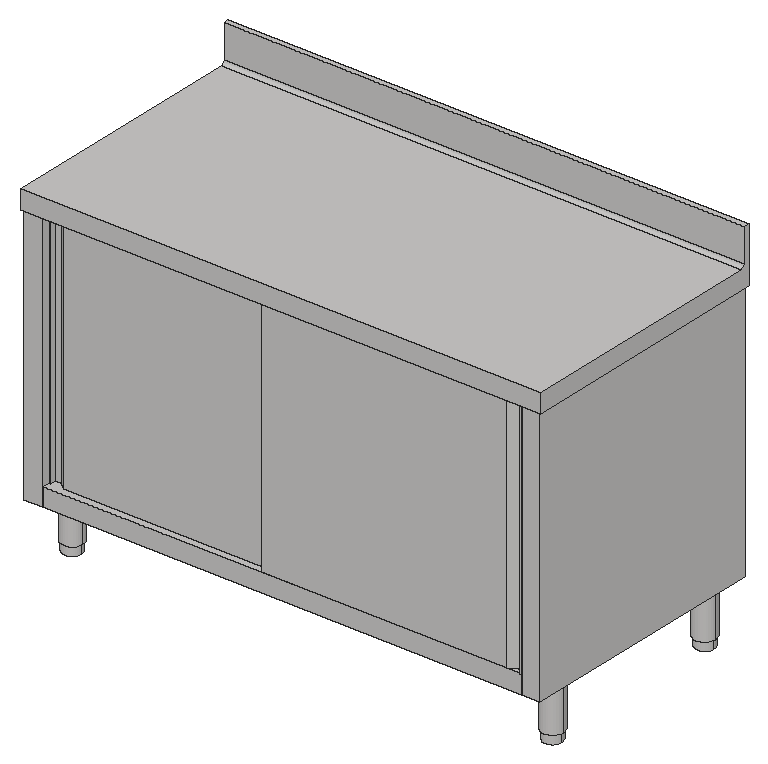
Revit family "QF_ELECTROLUXPROFESSIONAL_133081_TN1410EN", category Attrezzature speciali, Revit 2020
Family settings
  Quota connettore circolare = Usa diametro
  Tipo di parte = Normale
  Basato su piano di lavoro = No
  Sempre verticale = Sì
  Taglio con vuoti quando caricato = No
  Condiviso = No
  Punto di calcolo locali = No
Parameters (values of type "Standard")
  Weight = 60.00 kg
  Watts = 0 W
  Volts = 0 V
  URL Manufacturer = "https://www.electroluxprofessional.com/"
  URL = "https://www.electroluxprofessional.com/"
  Steam Supply Size = 0 mm
  Steam Supply Minimum Pressure = 0.0 Pa
  Steam Supply Maximum Pressure = 0.0 Pa
  Steam Consumption per Hour = 0
  Refrigeration Suction Line Size = 0.0 mm
  Refrigeration Liquid Line Size = 0.0 mm
  Refrigerant Compressor Remote = yes
  Prospetto di default = 0.0 mm
  Produttore = "Electrolux Professional"
  Phase = 0
  Modello = "TN1410EN"
  Length Actual = 1400.0 mm  # constant formula
  Item Number = "133081"
  Hot Water Size = 0 mm
  Height Actual = 1000.0 mm  # constant formula
  HP = "0 HP"
  Gas Size = 0 mm
  Gas KW = 0
  Gas Input Pressure = 0 W
  Direct Waste Size = 0 mm
  Descrizione = "WORKTOP CUPBOARD WITH UPSTAND 1400 MM"
  Depth Actual = 700.0 mm  # constant formula
  Cycle = 0 Hz
  Condensate Return Size = 0 mm
  Compressed Air Volume = 0.0 L/s
  Compressed Air Size = 0 mm
  Compressed Air Pressure = 0.0 Pa
  Cold Water Size = 0 mm
  Accessory = yes
Reference planes
  plane 1 "Center (Front/Back)": y = 0
  plane 2: z = 0
  plane 3 "Center (Left/Right)": x = -200
  plane 4 "LEFT": x = -900
  plane 5 "RIGHT": x = 500
  plane 6 "BACK": y = 350
  plane 7 "FRONT": y = -350
  plane 8 "Base": z = 850
  plane 9 "TOP": z = 900
  plane 10: x = -846.9
  plane 11: x = 446.9
  plane 12: y = 270
  plane 13: y = -241.9
  plane 14 "BodyLeft": x = -894.5
  plane 15 "BodyFront": y = -344.5
  plane 16 "BodyRight": x = 494.5
  plane 17 "BodyBack": y = 344.5
  plane 18 "FEET": z = 150
  plane 19: x = -144.5
  plane 20: x = -255.5
Forms (mm)
  Extrusion 1, solid, material "QF_Finishes_Stainless Steel"
    sketch origin (-200, 0, 0) x (0, 1, 0) y (0, 0, 1)
      loop
        line (-350, 850) -> (350, 850) -> (350, 1000) -> (337, 1000) -> (337, 910)
        arc (337, 910) -> (334.071, 902.929) -> (327, 900) r 10
        line (327, 900) -> (-350, 900) -> (-350, 850)
    from 700 to -700
  Extrusion 2, solid, material "QF_Finishes_Stainless Steel"
    sketch origin (0, 0, 150) x (-1, 0, 0) y (0, -1, 0)
      loop
        line (894.5, -344.5) -> (894.5, 344.5) -> (844.5, 344.5) -> (844.5, -344.5) -> (894.5, -344.5)
      loop
        line (-444.5, -344.5) -> (-444.5, 344.5) -> (-494.5, 344.5) -> (-494.5, -344.5) -> (-444.5, -344.5)
    from 0 to 700
  Extrusion 3, solid, material "QF_Finishes_Stainless Steel"
    sketch origin (0, 0, 150) x (-1, 0, 0) y (0, -1, 0)
      loop
        line (843.585, -344.5) -> (843.585, 344.5) -> (-444.5, 344.5) -> (-444.5, -344.5) -> (843.585, -344.5)
    from 0 to 50
  Extrusion 4, solid, material "QF_Finishes_Stainless Steel"
    sketch origin (0, 0, 150) x (-1, 0, 0) y (0, -1, 0)
      loop
        line (843.585, -344.5) -> (843.585, -294.5) -> (-444.5, -294.5) -> (-444.5, -344.5) -> (843.585, -344.5)
    from 50 to 700
  Extrusion 5, solid, material "QF_Finishes_Stainless Steel"
    sketch origin (0, 0, 150) x (-1, 0, 0) y (0, -1, 0)
      loop
        line (-444.5, 344.5) -> (-444.5, 324.5) -> (255.5, 324.5) -> (255.5, 344.5) -> (-404.5, 344.5) -> (-424.5, 329.5) -> (-439.5, 329.5) -> (-439.5, 344.5) -> (-444.5, 344.5)
    from 50 to 700
  Extrusion 6, solid, material "QF_Finishes_Stainless Steel"
    sketch origin (0, 20, 150) x (1, 0, 0) y (0, 1, 0)
      loop
        line (-844.5, -344.5) -> (-839.5, -344.5) -> (-839.5, -329.5) -> (-824.5, -329.5) -> (-804.5, -344.5) -> (-144.5, -344.5) -> (-144.5, -324.5) -> (-844.5, -324.5) -> (-844.5, -344.5)
    from 50 to 700
Lines and regions (mm)
  symbolic lines
    curve 1: line (500, 350, 900) -> (-900, 350, 900)
    curve 2: line (-900, 350, 900) -> (-900, -350, 900)
    curve 3: line (-900, -350, 900) -> (500, -350, 900)
    curve 4: line (500, -350, 900) -> (500, 350, 900)
    curve 5: line (-900, 337, 900) -> (500, 337, 900)
  symbolic lines, style "SpecialityEquipmentHiddenLines"
    curve 6: line (-894.5, -344.5, 150) -> (-894.5, 344.5, 150)
    curve 7: line (-894.5, 344.5, 150) -> (494.5, 344.5, 150)
    curve 8: line (494.5, 344.5, 150) -> (494.5, -344.5, 150)
    curve 9: line (494.5, -344.5, 150) -> (-894.5, -344.5, 150)
    curve 10: line (-844.5, -304.5, 150) -> (-144.5, -304.5, 150)
    curve 11: line (-144.5, -304.5, 150) -> (-144.5, -324.5, 150)
    curve 12: line (444.5, -324.5, 150) -> (-844.5, -324.5, 150)
    curve 13: line (-844.5, -324.5, 150) -> (-844.5, -304.5, 150)
    curve 14: line (-255.5, -344.5, 150) -> (-255.5, -324.5, 150)
Dimensions and locks
  plane 4 "LEFT" to plane 5 "RIGHT" = 1400.0 mm
  equal spacing: plane 4 "LEFT", plane 3 "Center (Left/Right)", plane 5 "RIGHT"
  locked: plane 8 "Base" to level at 850
  locked: Extrusion 1 to level at 1000
  plane 9 "TOP" to level = 900.0 mm
  plane 6 "BACK" to plane 7 "FRONT" = 700.0 mm
  equal spacing: plane 6 "BACK", plane 1 "Center (Front/Back)", plane 7 "FRONT"
  locked: plane 4 "LEFT" to plane 14 "BodyLeft" at 5.5
  locked: plane 16 "BodyRight" to plane 5 "RIGHT" at 5.5
  locked: plane 15 "BodyFront" to plane 7 "FRONT" at 5.5
  locked: plane 6 "BACK" to plane 17 "BodyBack" at 5.5
  locked: plane 14 "BodyLeft" to plane 10 at 47.6
  locked: plane 11 to plane 16 "BodyRight" at 47.6
  locked: plane 13 to plane 15 "BodyFront" at 102.6
  locked: plane 17 "BodyBack" to plane 12 at 74.5
  plane 10 to plane 11 = 1293.8 mm
  plane 12 to plane 13 = 511.9 mm
  locked: plane 18 "FEET" to level at 150
  locked: plane 14 "BodyLeft" to Extrusion 2 sketch curve at 50
  locked: Extrusion 2 sketch curve to Extrusion 2 sketch curve at 50
  Extrusion 3 to Extrusion 4 sketch curve = 50.0 mm
  Extrusion 2 to plane 19 = 700.0 mm
  plane 20 to Extrusion 2 = 700.0 mm
  aligned and locked: level to plane 2
  aligned and locked: plane 10 to nested 1
  aligned and locked: nested 1 to plane 13
  aligned and locked: plane 11 to nested 2
  aligned and locked: nested 2 to plane 13
  aligned and locked: plane 11 to nested 4
  aligned and locked: nested 4 to plane 12
  aligned and locked: plane 10 to nested 3
  aligned and locked: nested 3 to plane 12
  aligned and locked: Extrusion 1 to plane 4 "LEFT"
  aligned and locked: plane 5 "RIGHT" to Extrusion 1
  aligned and locked: curve 2 to plane 4 "LEFT"
  aligned and locked: plane 17 "BodyBack" to Extrusion 2 sketch curve
  aligned and locked: Extrusion 2 sketch curve to plane 15 "BodyFront"
  aligned and locked: Extrusion 2 sketch curve to plane 14 "BodyLeft"
  aligned and locked: plane 16 "BodyRight" to Extrusion 2 sketch curve
  aligned and locked: Extrusion 2 sketch curve to plane 17 "BodyBack"
  aligned and locked: plane 15 "BodyFront" to Extrusion 2 sketch curve
  aligned and locked: Extrusion 3 sketch curve to plane 17 "BodyBack"
  aligned and locked: plane 15 "BodyFront" to Extrusion 3 sketch curve
  aligned and locked: plane 8 "Base" to Extrusion 2
  aligned and locked: plane 8 "Base" to Extrusion 5
  aligned and locked: Extrusion 5 to Extrusion 3
  aligned and locked: Extrusion 6 sketch curve to plane 19
  aligned and locked: Extrusion 5 sketch curve to plane 20
  aligned and locked: curve 7 to plane 17 "BodyBack"
  aligned and locked: Extrusion 2 to plane 14 "BodyLeft"
  aligned and locked: plane 16 "BodyRight" to curve 8
  aligned and locked: plane 15 "BodyFront" to curve 9
Automatic sketch dimensions
  curve 3 to plane 7 "FRONT" = 0.0 mm
  curve 5 to plane 5 "RIGHT" = 0.0 mm
  curve 4 to plane 6 "BACK" = 0.0 mm
  curve 5 to plane 17 "BodyBack" = 7.5 mm
  Extrusion 1 sketch curve to plane 7 "FRONT" = 0.0 mm
  Extrusion 1 sketch curve to plane 9 "TOP" = 0.0 mm
  Extrusion 1 sketch curve to plane 6 "BACK" = 0.0 mm
  Extrusion 1 sketch curve to plane 8 "Base" = 0.0 mm
  Extrusion 1 sketch curve to plane 17 "BodyBack" = 17.5 mm
  Extrusion 1 sketch curve to plane 17 "BodyBack" = 7.5 mm
  Extrusion 1 sketch curve to Extrusion 1 sketch curve = 90.0 mm
  Extrusion 5 sketch curve to plane 15 "BodyFront" = 0.0 mm  (x2)
  Extrusion 5 sketch curve to plane 11 = 2.4 mm
  Extrusion 5 sketch curve to Extrusion 5 sketch curve = 5.0 mm
  Extrusion 5 sketch curve to Extrusion 5 sketch curve = 15.0 mm
  Extrusion 5 sketch curve to Extrusion 5 sketch curve = 20.0 mm
  plane 15 "BodyFront" to Extrusion 5 sketch curve = 15.0 mm
  plane 15 "BodyFront" to Extrusion 5 sketch curve = 20.0 mm
  Extrusion 6 sketch curve to plane 15 "BodyFront" = 20.0 mm  (x2)
  Extrusion 6 sketch curve to plane 10 = 2.4 mm
  Extrusion 6 sketch curve to Extrusion 6 sketch curve = 5.0 mm
  Extrusion 6 sketch curve to Extrusion 6 sketch curve = 15.0 mm
  Extrusion 6 sketch curve to Extrusion 6 sketch curve = 20.0 mm  (x2)
  Extrusion 6 sketch curve to plane 15 "BodyFront" = 35.0 mm
  Extrusion 3 sketch curve to plane 11 = 2.4 mm
  plane 10 to Extrusion 3 sketch curve = 3.315 mm
  Extrusion 4 sketch curve to plane 11 = 2.4 mm
  plane 10 to Extrusion 4 sketch curve = 3.315 mm
  curve 10 to plane 19 = 0.0 mm
  curve 14 to plane 20 = 0.0 mm
  curve 7 to plane 14 "BodyLeft" = 0.0 mm
  plane 10 to curve 13 = 2.4 mm
  curve 10 to curve 13 = 20.0 mm
  curve 12 to plane 11 = 2.4 mm
  plane 15 "BodyFront" to curve 14 = 20.0 mm
Nested families
  nested 1: "FEET_D58-150" at (-846.9, -241.9, 0), type "FEET_D58-150"
  nested 2: "FEET_D58-150" at (446.9, -241.9, 0), type "FEET_D58-150"
  nested 3: "FEET_D58-150" at (-846.9, 270, 0), type "FEET_D58-150"
  nested 4: "FEET_D58-150" at (446.9, 270, 0), type "FEET_D58-150"
Definition of nested family "FEET_D58-150"
  Parameters
    Default Elevation = 0.0 mm
    FEET = 150.0 mm
  Reference planes
    plane 1 "Center (Front/Back)": y = 0
    plane 2: z = 0
    plane 3 "Center (Left/Right)": x = 0
    plane 4: z = 150
  Forms (mm)
    Extrusion 1, solid
      sketch origin (0, 0, 0) x (1, 0, 0) y (0, 1, 0)
        loop
          circle (0, 0) r 25
      from 0 to 25
    Extrusion 2, solid
      sketch origin (0, 0, 0) x (1, 0, 0) y (0, 1, 0)
        loop
          circle (0.061, 0) r 29
      from 25 to 150 <- "FEET"
  Lines and regions (mm)
    symbolic lines
      curve 1: line (0, -1.503, 0) -> (0, 1.508, 0)
      curve 2: line (1.561, 0, 0) -> (-1.439, 0, 0)
  Dimensions and locks
    "FEET": plane 4 to plane 2
    aligned and locked: level to plane 2
  Automatic sketch dimensions
    plane 1 "Center (Front/Back)" to Extrusion 1 sketch curve = 0.0 mm
    Extrusion 1 sketch curve to plane 3 "Center (Left/Right)" = 0.0 mm
    plane 1 "Center (Front/Back)" to curve 2 = 0.0 mm
    curve 1 to plane 3 "Center (Left/Right)" = 0.0 mm
    curve 2 to plane 3 "Center (Left/Right)" = 1.439 mm
    plane 3 "Center (Left/Right)" to curve 2 = 1.561 mm
    plane 1 "Center (Front/Back)" to curve 1 = 1.503 mm
    curve 1 to plane 1 "Center (Front/Back)" = 1.508 mm
    plane 1 "Center (Front/Back)" to Extrusion 2 sketch curve = 0.0 mm
    plane 3 "Center (Left/Right)" to Extrusion 2 sketch curve = 0.061 mm
    radius of Extrusion 1 sketch curve = 25.0 mm
    radius of Extrusion 2 sketch curve = 29.0 mm
